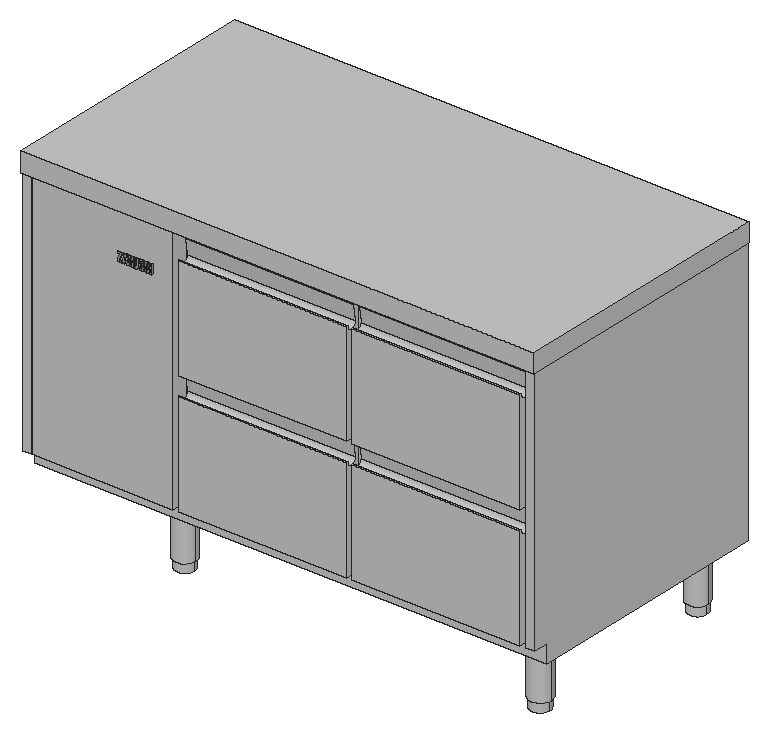
Revit family "QF_ZANUSSI_111031_ZH2HBBB", category Specialty Equipment, Revit 2018
Family settings
  Round Connector Dimension = Use Diameter
  Part Type = Normal
  Work Plane-Based = No
  Always vertical = Yes
  Cut with Voids When Loaded = No
  Shared = No
  Room Calculation Point = No
Parameters
  Weight = 0.00 kg
  Watts = 0.0232258 W
  Volts = 220 V
  URL Manufacturer = "http://www.zanussiprofessional.com/"
  URL = "http://www.zanussiprofessional.com/"
  Steam Supply Size = 0 mm
  Steam Supply Minimum Pressure = 0.0 Pa
  Steam Supply Maximum Pressure = 0.0 Pa
  Steam Pounds per Hour = 0
  Show Logo [instance] = yes
  Show Clearance [instance] = yes
  Refrigeration Suction Line Size = 0 mm
  Refrigeration Liquid Line Size = 0 mm
  Refrigerant Compressor Remote = yes
  Manufacturer = "Zanussi"
  Phase = 1
  Model = "ZH2HBBB"
  Length Actual = 1345 mm  # constant formula
  Item Number = "111031"
  Hot Water Size = 0 mm
  Height Actual = 900 mm  # constant formula
  HP = "0.3 HP"
  Gas Size = 0 mm
  Gas KW = 0
  Gas Input Pressure = 0 W
  Description = "4 DRAWERS REFRIGER.TABLE 290L"
  Depth Actual = 700 mm  # constant formula
  Cycle = 50 Hz
  Condensate Return Size = 0 mm
  Compressed Air Volume = 0.0 L/s
  Compressed Air Size = 0 mm
  Compressed Air Pressure = 0.0 Pa
  Cold Water Size = 0 mm
  Accessory = yes
Reference planes
  plane 1 "Center X": y = 182.5
  plane 2: z = 0
  plane 3 "Center Y": x = -126.5
  plane 4: y = -62.5
  plane 5: y = 451.5
  plane 6 "BACK": y = 532.5
  plane 7 "FRONT": y = -167.5
  plane 8: x = -452
  plane 9: x = 478
  plane 10: z = 150
  plane 11 "TOP": z = 900
  plane 12: z = 850
  plane 13 "LEFT": x = -797
  plane 14 "RIGHT": x = 544
  plane 15: x = -799
  plane 16: x = 546
Forms (mm)
  Extrusion 1, solid, material "QF_Finishes_Stainless Steel"
    sketch origin (-126.5, 2, 0) x (0, 1, 0) y (0, 0, 1)
      loop
        line (530.5, 150) -> (530.5, 850) -> (-124.5, 850) -> (-124.5, 150) -> (530.5, 150)
    from -670.5 to 670.5
  Extrusion 2, solid, material "QF_Finishes_Stainless Steel"
    sketch origin (-1022.223, -1524, 150) x (-1, 0, 0) y (0, -1, 0)
      loop
        line (-225.223, -1361.5) -> (-250.223, -1361.5) -> (-250.223, -1401.5) -> (-225.223, -1401.5) -> (-225.223, -1361.5)
      loop
        line (-1566.223, -1401.5) -> (-1541.223, -1401.5) -> (-1541.223, -1361.5) -> (-1566.223, -1361.5) -> (-1566.223, -1401.5)
    from 47 to 700
  Extrusion 3, solid, material "QF_Finishes_Stainless Steel"
    sketch origin (0, 0, 900) x (-1, 0, 0) y (0, -1, 0)
      loop
        circle (-57, -94.5) r 8.45
    from -790.577 to -750
  Extrusion 4, solid, material "QF_Finishes_Stainless Steel"
    sketch origin (0, 0, 0) x (1, 0, 0) y (0, 1, 0)
      loop
        circle (-713, 451.5) r 4
    from 109.423 to 150
  Extrusion 5, solid, material "QF_Finishes_Stainless Steel"
    sketch origin (-126.5, 0, 0) x (0, 1, 0) y (0, 0, 1)
      loop
        line (-167.5, 900) -> (-167.5, 850) -> (532.5, 850) -> (532.5, 900) -> (-167.5, 900)
    from 672.5 to -672.5
Cuts and joins
  joined: Extrusion 1, Extrusion 2
Lines and regions (mm)
  symbolic lines, style "SpecialityEquipmentHiddenLines"
    curve 1: line (-799, -122.5, 900) -> (546, -122.5, 900)
    curve 2: line (-396, -167.5, 900) -> (-396, -122.5, 900)
  symbolic lines, style "SpecialityEquipment"
    curve 3: line (-799, 532.5, 900) -> (546, 532.5, 900)
    curve 4: line (-799, 532.5, 900) -> (-799, -167.5, 900)
    curve 5: line (-799, -167.5, 900) -> (546, -167.5, 900)
    curve 6: line (546, -167.5, 900) -> (546, 532.5, 900)
Dimensions and locks
  locked: plane 6 "BACK" to plane 7 "FRONT" at 700
  equal spacing: plane 6 "BACK", plane 1 "Center X", plane 7 "FRONT"
  locked: plane 6 "BACK" to plane 5 at 81
  plane 10 to level = 150 mm
  plane 11 "TOP" to plane 12 to plane 10 = 50 mm locked, 700 mm locked
  locked: Extrusion 2 sketch curve to Extrusion 2 sketch curve at 25  (x2)
  locked: plane 4 to plane 7 "FRONT" at 105
  locked: plane 6 "BACK" to Extrusion 3 sketch curve at 438
  equal spacing: plane 13 "LEFT", plane 3 "Center Y", plane 14 "RIGHT"
  plane 15 to plane 16 = 1345 mm
  locked: plane 13 "LEFT" to plane 8 at 345
  locked: plane 9 to plane 14 "RIGHT" at 66
  locked: Extrusion 3 sketch curve to plane 14 "RIGHT" at 487
  plane 13 "LEFT" to Extrusion 4 sketch curve = 84 mm
  locked: plane 6 "BACK" to Extrusion 4 sketch curve at 81
  locked: plane 10 to Extrusion 4 at 40.577
  aligned and locked: level to plane 2
  aligned and locked: plane 10 to Extrusion 3
  aligned and locked: nested 4 to plane 4
  aligned and locked: nested 1 to plane 4
  aligned and locked: nested 3 to plane 5
  aligned and locked: nested 2 to plane 5
  aligned and locked: plane 8 to nested 1
  aligned and locked: plane 8 to nested 2
  aligned and locked: plane 9 to nested 4
  aligned and locked: plane 9 to nested 3
  aligned and locked: Extrusion 1 to Extrusion 2
  aligned and locked: Extrusion 2 to Extrusion 1
  aligned and locked: Extrusion 2 sketch curve to plane 14 "RIGHT"
  aligned and locked: plane 13 "LEFT" to Extrusion 2 sketch curve
  aligned and locked: cut or joined group of Extrusion 1, Extrusion 2 to plane 10
  aligned and locked: plane 12 to cut or joined group of Extrusion 1, Extrusion 2
  aligned and locked: plane 10 to Extrusion 4
  aligned and locked: Extrusion 5 sketch curve to plane 11 "TOP"
  aligned and locked: plane 7 "FRONT" to Extrusion 5 sketch curve
  aligned and locked: Extrusion 5 sketch curve to cut or joined group of Extrusion 1, Extrusion 2  (x2)
  aligned and locked: Extrusion 5 to curve 3
Automatic sketch dimensions
  plane 7 "FRONT" to Extrusion 2 sketch curve = 45 mm  (x2)
  plane 7 "FRONT" to Extrusion 2 sketch curve = 5 mm  (x2)
  curve 2 to plane 7 "FRONT" = 0 mm
  curve 5 to plane 15 = 0 mm
  curve 3 to plane 6 "BACK" = 0 mm
  plane 8 to curve 2 = 56 mm
  plane 7 "FRONT" to curve 1 = 45 mm
  Extrusion 1 sketch curve to plane 10 = 0 mm
  Extrusion 1 sketch curve to plane 12 = 0 mm
  Extrusion 1 sketch curve to plane 6 "BACK" = 0 mm
  plane 7 "FRONT" to Extrusion 1 sketch curve = 45 mm
  radius of Extrusion 3 sketch curve = 8.45 mm
  radius of Extrusion 4 sketch curve = 4 mm
Nested families
  nested 1: "Foot_Ø50_H150" at (-452, -62.5, 0), type "Foot_Ø50_H150"
  nested 2: "Foot_Ø50_H150" at (-452, 451.5, 0), type "Foot_Ø50_H150"
  nested 3: "Foot_Ø50_H150" at (478, 451.5, 0), type "Foot_Ø50_H150"
  nested 4: "Foot_Ø50_H150" at (478, -62.5, 0), type "Foot_Ø50_H150"
  nested 5: "2 Drawers" at (285, -164.5, 0), Show Clearance <- "Show Clearance", type "2 Drawers"
  nested 6: "2 Drawers" at (-169, -164.5, 0) x (-1, 0, 0) z (0, 0, 1), Show Clearance <- "Show Clearance", type "2 Drawers"
  nested 7: "Refrigerator" at (544, -167.5, 900), type "Refrigerator"
  nested 8: "ZAN_Cooling Unit" at (-587.5, -164.5, 0), Show Logo <- "Show Logo", type "ZAN_Cooling Unit"
Connectors
  electrical at (-713, 451.5, 109.423), driven by "Volts"
    settings: on Extrusion 4, index 4, voltage 220 V, apparent load 0 VA, apparent load phase1 0 VA, apparent load phase2 0 VA, apparent load phase3 0 VA, power factor 1, load classification "Altro", number of poles 1, system type 30, power factor state 1, is connector primary yes, connector utility no, sub classification motor no, connector description "Electrical Connection"
  piping at (57, 94.5, 109.423), diameter 17
    settings: on Extrusion 3, index 5, connector inside diameter 609.6 mm, connector length 0 mm, flow factor 0, pipe flow 0.0 L/s, pressure drop 0.0 Pa, fitting loss kfactor 0, connector angle 0.00°, fixture units 0, engagement length 0 mm, angle of deflection 0.00°, flow configuration 1, flow direction 2, fitting loss method 0, system type 16, joint type 0, gender type 0, connector reference index -1, connector utility 0, adjustable connector no, is connector primary yes, connector description "Drain"
Definition of nested family "Foot_Ø50_H150"
  Reference planes
    plane 1 "Centro (Fronte/Retro)": y = 0
    plane 2: z = 0
    plane 3 "Centro (Sinistra/Destra)": x = 0
    plane 4: z = 150
  Forms (mm)
    Revolve 1, solid
      sketch origin (255.05, 0, 608.09) x (0, 0, 1) y (-1, 0, 0)
        loop
          line (-608.09, 255.05) -> (-608.09, 230.05) -> (-583.09, 230.05) -> (-583.09, 226.05) -> (-458.09, 226.05) -> (-458.09, 255.05) -> (-608.09, 255.05)
        axis (-608.09, 255.05) -> (-458.09, 255.05)
      angle from 0 to 360
  Dimensions and locks
    locked: Revolve 1 sketch curve to Revolve 1 sketch curve at 125
    aligned and locked: level to plane 2
    aligned and locked: plane 4 to Revolve 1 sketch curve
    aligned and locked: Revolve 1 sketch curve to level
    aligned and locked: plane 3 "Centro (Sinistra/Destra)" to Revolve 1 sketch curve
Definition of nested family "2 Drawers"
  Parameters
    Show Clearance [instance] = yes
  Reference planes
    plane 1 "FRONT": y = -3
    plane 2: z = 0
    plane 3 "Centro (Sinistra/Destra)": x = 0
    plane 4: z = 150
    plane 5: z = 850
    plane 6: x = -234
    plane 7: x = 234
    plane 8: x = -220
    plane 9: x = 220
  Forms (mm)
    Extrusion 1, solid
      sketch origin (0, 55, 511) x (0, 0, 1) y (0, -1, 0)
        loop
          line (314, 18) -> (314, 29) -> (274.395, 22.5)
          arc (274.395, 22.5) -> (260.395, 36.5) -> (274.395, 50.5) r 14
          line (274.395, 50.5) -> (274.395, 53) -> (5, 53) -> (5, 18) -> (314, 18)
        loop
          line (-5, 29) -> (-44.605, 22.5)
          arc (-44.605, 22.5) -> (-58.605, 36.5) -> (-44.605, 50.5) r 14
          line (-44.605, 50.5) -> (-44.605, 53) -> (-314, 53) -> (-314, 18) -> (-5, 18) -> (-5, 29)
      from -220 to 220
    Extrusion 2, solid, visible <- "Show Clearance", detail levels coarse
      sketch origin (0, -462, 511) x (0, 0, 1) y (0, -1, 0)
        loop
          line (-314, 109) -> (-314, -464) -> (-5, -464) -> (-5, 109) -> (-314, 109)
        loop
          line (314, -464) -> (314, 109) -> (5, 109) -> (5, -464) -> (314, -464)
      from -220 to 220
  Lines and regions (mm)
    symbolic lines
      curve 1: line (-190, -3, 0) -> (-190, -88, 0)
      curve 2: line (190, -88, 0) -> (190, -3, 0)
      curve 3: line (220, -88, 0) -> (-220, -88, 0)
      curve 4: line (-220, -88, 0) -> (-220, -123, 0)
      curve 5: line (-220, -123, 0) -> (220, -123, 0)
      curve 6: line (220, -123, 0) -> (220, -88, 0)
      curve 7: line (-190, -123, 0) -> (-190, -208, 0)
      curve 8: line (220, -208, 0) -> (-220, -208, 0)
      curve 9: line (-220, -208, 0) -> (-220, -243, 0)
      curve 10: line (-220, -243, 0) -> (220, -243, 0)
      curve 11: line (220, -243, 0) -> (220, -208, 0)
      curve 12: line (190, -208, 0) -> (190, -123, 0)
  Dimensions and locks
    aligned and locked: level to plane 2
Definition of nested family "ZAN_Cooling Unit"
  Parameters
    Show Logo [instance] = yes
  Reference planes
    plane 1 "FRONT": y = -3
    plane 2: z = 0
    plane 3 "Centro (Sinistra/Destra)": x = 0
    plane 4: z = 150
    plane 5: z = 850
    plane 6: x = -184.5
    plane 7: x = 184.5
  Forms (mm)
    Extrusion 1, solid
      sketch origin (0, 55, 511) x (0, 0, 1) y (0, -1, 0)
        loop
          line (-314, 53) -> (-314, 13) -> (339, 13) -> (339, 53) -> (-314, 53)
      from -184.5 to 184.5
  Lines and regions (mm)
    Split face 1
      outline origin (0, 2, 197) x (0, 0, 1) y (-1, 0, 0)
        loop
          line (566.835, 184.5) -> (566.835, -184.5)
        loop
          line (521.835, 184.5) -> (521.835, -184.5)
    Split face 2
      outline origin (0, 2, 197) x (0, 0, 1) y (-1, 0, 0)
        loop
          arc (510.649, 158.547) -> (506.648, 162.548) -> (502.647, 158.547) r 4.001
          line (502.647, 158.547) -> (502.647, 116.535)
          arc (502.647, 116.535) -> (506.648, 112.533) -> (510.649, 116.535) r 4.001
          line (510.649, 116.535) -> (510.649, 158.547)
    Split face 3
      outline origin (0, 2, 184.996) x (0, 0, 1) y (-1, 0, 0)
        loop
          arc (510.649, 158.547) -> (506.648, 162.548) -> (502.647, 158.547) r 4.001
          line (502.647, 158.547) -> (502.647, 116.535)
          arc (502.647, 116.535) -> (506.648, 112.533) -> (510.649, 116.535) r 4.001
          line (510.649, 116.535) -> (510.649, 158.547)
    Split face 4
      outline origin (0, 2, 172.993) x (0, 0, 1) y (-1, 0, 0)
        loop
          arc (510.649, 158.547) -> (506.648, 162.548) -> (502.647, 158.547) r 4.001
          line (502.647, 158.547) -> (502.647, 116.535)
          arc (502.647, 116.535) -> (506.648, 112.533) -> (510.649, 116.535) r 4.001
          line (510.649, 116.535) -> (510.649, 158.547)
    Split face 5
      outline origin (0, 2, 160.989) x (0, 0, 1) y (-1, 0, 0)
        loop
          arc (510.649, 158.547) -> (506.648, 162.548) -> (502.647, 158.547) r 4.001
          line (502.647, 158.547) -> (502.647, 116.535)
          arc (502.647, 116.535) -> (506.648, 112.533) -> (510.649, 116.535) r 4.001
          line (510.649, 116.535) -> (510.649, 158.547)
    Split face 6
      outline origin (0, 2, 148.986) x (0, 0, 1) y (-1, 0, 0)
        loop
          arc (510.649, 158.547) -> (506.648, 162.548) -> (502.647, 158.547) r 4.001
          line (502.647, 158.547) -> (502.647, 116.535)
          arc (502.647, 116.535) -> (506.648, 112.533) -> (510.649, 116.535) r 4.001
          line (510.649, 116.535) -> (510.649, 158.547)
    Split face 7
      outline origin (0, 2, 136.982) x (0, 0, 1) y (-1, 0, 0)
        loop
          arc (510.649, 158.547) -> (506.648, 162.548) -> (502.647, 158.547) r 4.001
          line (502.647, 158.547) -> (502.647, 116.535)
          arc (502.647, 116.535) -> (506.648, 112.533) -> (510.649, 116.535) r 4.001
          line (510.649, 116.535) -> (510.649, 158.547)
    Split face 8
      outline origin (0, 2, 124.979) x (0, 0, 1) y (-1, 0, 0)
        loop
          arc (510.649, 158.547) -> (506.648, 162.548) -> (502.647, 158.547) r 4.001
          line (502.647, 158.547) -> (502.647, 116.535)
          arc (502.647, 116.535) -> (506.648, 112.533) -> (510.649, 116.535) r 4.001
          line (510.649, 116.535) -> (510.649, 158.547)
    Split face 9
      outline origin (0, 2, 112.975) x (0, 0, 1) y (-1, 0, 0)
        loop
          arc (510.649, 158.547) -> (506.648, 162.548) -> (502.647, 158.547) r 4.001
          line (502.647, 158.547) -> (502.647, 116.535)
          arc (502.647, 116.535) -> (506.648, 112.533) -> (510.649, 116.535) r 4.001
          line (510.649, 116.535) -> (510.649, 158.547)
    Split face 10
      outline origin (0, 2, 100.972) x (0, 0, 1) y (-1, 0, 0)
        loop
          arc (510.649, 158.547) -> (506.648, 162.548) -> (502.647, 158.547) r 4.001
          line (502.647, 158.547) -> (502.647, 116.535)
          arc (502.647, 116.535) -> (506.648, 112.533) -> (510.649, 116.535) r 4.001
          line (510.649, 116.535) -> (510.649, 158.547)
    Split face 11
      outline origin (0, 2, 88.968) x (0, 0, 1) y (-1, 0, 0)
        loop
          arc (510.649, 158.547) -> (506.648, 162.548) -> (502.647, 158.547) r 4.001
          line (502.647, 158.547) -> (502.647, 116.535)
          arc (502.647, 116.535) -> (506.648, 112.533) -> (510.649, 116.535) r 4.001
          line (510.649, 116.535) -> (510.649, 158.547)
    Split face 12
      outline origin (0, 2, 76.965) x (0, 0, 1) y (-1, 0, 0)
        loop
          arc (510.649, 158.547) -> (506.648, 162.548) -> (502.647, 158.547) r 4.001
          line (502.647, 158.547) -> (502.647, 116.535)
          arc (502.647, 116.535) -> (506.648, 112.533) -> (510.649, 116.535) r 4.001
          line (510.649, 116.535) -> (510.649, 158.547)
    Split face 13
      outline origin (0, 2, 64.961) x (0, 0, 1) y (-1, 0, 0)
        loop
          arc (510.649, 158.547) -> (506.648, 162.548) -> (502.647, 158.547) r 4.001
          line (502.647, 158.547) -> (502.647, 116.535)
          arc (502.647, 116.535) -> (506.648, 112.533) -> (510.649, 116.535) r 4.001
          line (510.649, 116.535) -> (510.649, 158.547)
    Split face 14
      outline origin (0, 2, 52.958) x (0, 0, 1) y (-1, 0, 0)
        loop
          arc (510.649, 158.547) -> (506.648, 162.548) -> (502.647, 158.547) r 4.001
          line (502.647, 158.547) -> (502.647, 116.535)
          arc (502.647, 116.535) -> (506.648, 112.533) -> (510.649, 116.535) r 4.001
          line (510.649, 116.535) -> (510.649, 158.547)
    Split face 15
      outline origin (0, 2, 40.954) x (0, 0, 1) y (-1, 0, 0)
        loop
          arc (510.649, 158.547) -> (506.648, 162.548) -> (502.647, 158.547) r 4.001
          line (502.647, 158.547) -> (502.647, 116.535)
          arc (502.647, 116.535) -> (506.648, 112.533) -> (510.649, 116.535) r 4.001
          line (510.649, 116.535) -> (510.649, 158.547)
    Split face 16
      outline origin (0, 2, 28.951) x (0, 0, 1) y (-1, 0, 0)
        loop
          arc (510.649, 158.547) -> (506.648, 162.548) -> (502.647, 158.547) r 4.001
          line (502.647, 158.547) -> (502.647, 116.535)
          arc (502.647, 116.535) -> (506.648, 112.533) -> (510.649, 116.535) r 4.001
          line (510.649, 116.535) -> (510.649, 158.547)
    Split face 17
      outline origin (0, 2, 16.947) x (0, 0, 1) y (-1, 0, 0)
        loop
          arc (510.649, 158.547) -> (506.648, 162.548) -> (502.647, 158.547) r 4.001
          line (502.647, 158.547) -> (502.647, 116.535)
          arc (502.647, 116.535) -> (506.648, 112.533) -> (510.649, 116.535) r 4.001
          line (510.649, 116.535) -> (510.649, 158.547)
    Split face 18
      outline origin (55.016, 2, 197) x (0, 0, 1) y (-1, 0, 0)
        loop
          arc (510.649, 158.547) -> (506.648, 162.548) -> (502.647, 158.547) r 4.001
          line (502.647, 158.547) -> (502.647, 116.535)
          arc (502.647, 116.535) -> (506.648, 112.533) -> (510.649, 116.535) r 4.001
          line (510.649, 116.535) -> (510.649, 158.547)
    Split face 19
      outline origin (55.016, 2, 184.996) x (0, 0, 1) y (-1, 0, 0)
        loop
          arc (510.649, 158.547) -> (506.648, 162.548) -> (502.647, 158.547) r 4.001
          line (502.647, 158.547) -> (502.647, 116.535)
          arc (502.647, 116.535) -> (506.648, 112.533) -> (510.649, 116.535) r 4.001
          line (510.649, 116.535) -> (510.649, 158.547)
    Split face 20
      outline origin (55.016, 2, 172.993) x (0, 0, 1) y (-1, 0, 0)
        loop
          arc (510.649, 158.547) -> (506.648, 162.548) -> (502.647, 158.547) r 4.001
          line (502.647, 158.547) -> (502.647, 116.535)
          arc (502.647, 116.535) -> (506.648, 112.533) -> (510.649, 116.535) r 4.001
          line (510.649, 116.535) -> (510.649, 158.547)
    Split face 21
      outline origin (55.016, 2, 160.989) x (0, 0, 1) y (-1, 0, 0)
        loop
          arc (510.649, 158.547) -> (506.648, 162.548) -> (502.647, 158.547) r 4.001
          line (502.647, 158.547) -> (502.647, 116.535)
          arc (502.647, 116.535) -> (506.648, 112.533) -> (510.649, 116.535) r 4.001
          line (510.649, 116.535) -> (510.649, 158.547)
    Split face 22
      outline origin (55.016, 2, 148.986) x (0, 0, 1) y (-1, 0, 0)
        loop
          arc (510.649, 158.547) -> (506.648, 162.548) -> (502.647, 158.547) r 4.001
          line (502.647, 158.547) -> (502.647, 116.535)
          arc (502.647, 116.535) -> (506.648, 112.533) -> (510.649, 116.535) r 4.001
          line (510.649, 116.535) -> (510.649, 158.547)
    Split face 23
      outline origin (55.016, 2, 136.982) x (0, 0, 1) y (-1, 0, 0)
        loop
          arc (510.649, 158.547) -> (506.648, 162.548) -> (502.647, 158.547) r 4.001
          line (502.647, 158.547) -> (502.647, 116.535)
          arc (502.647, 116.535) -> (506.648, 112.533) -> (510.649, 116.535) r 4.001
          line (510.649, 116.535) -> (510.649, 158.547)
    Split face 24
      outline origin (55.016, 2, 124.979) x (0, 0, 1) y (-1, 0, 0)
        loop
          arc (510.649, 158.547) -> (506.648, 162.548) -> (502.647, 158.547) r 4.001
          line (502.647, 158.547) -> (502.647, 116.535)
          arc (502.647, 116.535) -> (506.648, 112.533) -> (510.649, 116.535) r 4.001
          line (510.649, 116.535) -> (510.649, 158.547)
    Split face 25
      outline origin (55.016, 2, 112.975) x (0, 0, 1) y (-1, 0, 0)
        loop
          arc (510.649, 158.547) -> (506.648, 162.548) -> (502.647, 158.547) r 4.001
          line (502.647, 158.547) -> (502.647, 116.535)
          arc (502.647, 116.535) -> (506.648, 112.533) -> (510.649, 116.535) r 4.001
          line (510.649, 116.535) -> (510.649, 158.547)
    Split face 26
      outline origin (55.016, 2, 100.972) x (0, 0, 1) y (-1, 0, 0)
        loop
          arc (510.649, 158.547) -> (506.648, 162.548) -> (502.647, 158.547) r 4.001
          line (502.647, 158.547) -> (502.647, 116.535)
          arc (502.647, 116.535) -> (506.648, 112.533) -> (510.649, 116.535) r 4.001
          line (510.649, 116.535) -> (510.649, 158.547)
    Split face 27
      outline origin (55.016, 2, 88.968) x (0, 0, 1) y (-1, 0, 0)
        loop
          arc (510.649, 158.547) -> (506.648, 162.548) -> (502.647, 158.547) r 4.001
          line (502.647, 158.547) -> (502.647, 116.535)
          arc (502.647, 116.535) -> (506.648, 112.533) -> (510.649, 116.535) r 4.001
          line (510.649, 116.535) -> (510.649, 158.547)
    Split face 28
      outline origin (55.016, 2, 76.965) x (0, 0, 1) y (-1, 0, 0)
        loop
          arc (510.649, 158.547) -> (506.648, 162.548) -> (502.647, 158.547) r 4.001
          line (502.647, 158.547) -> (502.647, 116.535)
          arc (502.647, 116.535) -> (506.648, 112.533) -> (510.649, 116.535) r 4.001
          line (510.649, 116.535) -> (510.649, 158.547)
    Split face 29
      outline origin (55.016, 2, 64.961) x (0, 0, 1) y (-1, 0, 0)
        loop
          arc (510.649, 158.547) -> (506.648, 162.548) -> (502.647, 158.547) r 4.001
          line (502.647, 158.547) -> (502.647, 116.535)
          arc (502.647, 116.535) -> (506.648, 112.533) -> (510.649, 116.535) r 4.001
          line (510.649, 116.535) -> (510.649, 158.547)
    Split face 30
      outline origin (55.016, 2, 52.958) x (0, 0, 1) y (-1, 0, 0)
        loop
          arc (510.649, 158.547) -> (506.648, 162.548) -> (502.647, 158.547) r 4.001
          line (502.647, 158.547) -> (502.647, 116.535)
          arc (502.647, 116.535) -> (506.648, 112.533) -> (510.649, 116.535) r 4.001
          line (510.649, 116.535) -> (510.649, 158.547)
    Split face 31
      outline origin (55.016, 2, 40.954) x (0, 0, 1) y (-1, 0, 0)
        loop
          arc (510.649, 158.547) -> (506.648, 162.548) -> (502.647, 158.547) r 4.001
          line (502.647, 158.547) -> (502.647, 116.535)
          arc (502.647, 116.535) -> (506.648, 112.533) -> (510.649, 116.535) r 4.001
          line (510.649, 116.535) -> (510.649, 158.547)
    Split face 32
      outline origin (55.016, 2, 28.951) x (0, 0, 1) y (-1, 0, 0)
        loop
          arc (510.649, 158.547) -> (506.648, 162.548) -> (502.647, 158.547) r 4.001
          line (502.647, 158.547) -> (502.647, 116.535)
          arc (502.647, 116.535) -> (506.648, 112.533) -> (510.649, 116.535) r 4.001
          line (510.649, 116.535) -> (510.649, 158.547)
    Split face 33
      outline origin (55.016, 2, 16.947) x (0, 0, 1) y (-1, 0, 0)
        loop
          arc (510.649, 158.547) -> (506.648, 162.548) -> (502.647, 158.547) r 4.001
          line (502.647, 158.547) -> (502.647, 116.535)
          arc (502.647, 116.535) -> (506.648, 112.533) -> (510.649, 116.535) r 4.001
          line (510.649, 116.535) -> (510.649, 158.547)
    Split face 34
      outline origin (110.032, 2, 197) x (0, 0, 1) y (-1, 0, 0)
        loop
          arc (510.649, 158.547) -> (506.648, 162.548) -> (502.647, 158.547) r 4.001
          line (502.647, 158.547) -> (502.647, 116.535)
          arc (502.647, 116.535) -> (506.648, 112.533) -> (510.649, 116.535) r 4.001
          line (510.649, 116.535) -> (510.649, 158.547)
    Split face 35
      outline origin (110.032, 2, 184.996) x (0, 0, 1) y (-1, 0, 0)
        loop
          arc (510.649, 158.547) -> (506.648, 162.548) -> (502.647, 158.547) r 4.001
          line (502.647, 158.547) -> (502.647, 116.535)
          arc (502.647, 116.535) -> (506.648, 112.533) -> (510.649, 116.535) r 4.001
          line (510.649, 116.535) -> (510.649, 158.547)
    Split face 36
      outline origin (110.032, 2, 172.993) x (0, 0, 1) y (-1, 0, 0)
        loop
          arc (510.649, 158.547) -> (506.648, 162.548) -> (502.647, 158.547) r 4.001
          line (502.647, 158.547) -> (502.647, 116.535)
          arc (502.647, 116.535) -> (506.648, 112.533) -> (510.649, 116.535) r 4.001
          line (510.649, 116.535) -> (510.649, 158.547)
    Split face 37
      outline origin (110.032, 2, 160.989) x (0, 0, 1) y (-1, 0, 0)
        loop
          arc (510.649, 158.547) -> (506.648, 162.548) -> (502.647, 158.547) r 4.001
          line (502.647, 158.547) -> (502.647, 116.535)
          arc (502.647, 116.535) -> (506.648, 112.533) -> (510.649, 116.535) r 4.001
          line (510.649, 116.535) -> (510.649, 158.547)
    Split face 38
      outline origin (110.032, 2, 148.986) x (0, 0, 1) y (-1, 0, 0)
        loop
          arc (510.649, 158.547) -> (506.648, 162.548) -> (502.647, 158.547) r 4.001
          line (502.647, 158.547) -> (502.647, 116.535)
          arc (502.647, 116.535) -> (506.648, 112.533) -> (510.649, 116.535) r 4.001
          line (510.649, 116.535) -> (510.649, 158.547)
    Split face 39
      outline origin (110.032, 2, 136.982) x (0, 0, 1) y (-1, 0, 0)
        loop
          arc (510.649, 158.547) -> (506.648, 162.548) -> (502.647, 158.547) r 4.001
          line (502.647, 158.547) -> (502.647, 116.535)
          arc (502.647, 116.535) -> (506.648, 112.533) -> (510.649, 116.535) r 4.001
          line (510.649, 116.535) -> (510.649, 158.547)
    Split face 40
      outline origin (110.032, 2, 124.979) x (0, 0, 1) y (-1, 0, 0)
        loop
          arc (510.649, 158.547) -> (506.648, 162.548) -> (502.647, 158.547) r 4.001
          line (502.647, 158.547) -> (502.647, 116.535)
          arc (502.647, 116.535) -> (506.648, 112.533) -> (510.649, 116.535) r 4.001
          line (510.649, 116.535) -> (510.649, 158.547)
    Split face 41
      outline origin (110.032, 2, 112.975) x (0, 0, 1) y (-1, 0, 0)
        loop
          arc (510.649, 158.547) -> (506.648, 162.548) -> (502.647, 158.547) r 4.001
          line (502.647, 158.547) -> (502.647, 116.535)
          arc (502.647, 116.535) -> (506.648, 112.533) -> (510.649, 116.535) r 4.001
          line (510.649, 116.535) -> (510.649, 158.547)
    Split face 42
      outline origin (110.032, 2, 100.972) x (0, 0, 1) y (-1, 0, 0)
        loop
          arc (510.649, 158.547) -> (506.648, 162.548) -> (502.647, 158.547) r 4.001
          line (502.647, 158.547) -> (502.647, 116.535)
          arc (502.647, 116.535) -> (506.648, 112.533) -> (510.649, 116.535) r 4.001
          line (510.649, 116.535) -> (510.649, 158.547)
    Split face 43
      outline origin (110.032, 2, 88.968) x (0, 0, 1) y (-1, 0, 0)
        loop
          arc (510.649, 158.547) -> (506.648, 162.548) -> (502.647, 158.547) r 4.001
          line (502.647, 158.547) -> (502.647, 116.535)
          arc (502.647, 116.535) -> (506.648, 112.533) -> (510.649, 116.535) r 4.001
          line (510.649, 116.535) -> (510.649, 158.547)
    Split face 44
      outline origin (110.032, 2, 76.965) x (0, 0, 1) y (-1, 0, 0)
        loop
          arc (510.649, 158.547) -> (506.648, 162.548) -> (502.647, 158.547) r 4.001
          line (502.647, 158.547) -> (502.647, 116.535)
          arc (502.647, 116.535) -> (506.648, 112.533) -> (510.649, 116.535) r 4.001
          line (510.649, 116.535) -> (510.649, 158.547)
    Split face 45
      outline origin (110.032, 2, 64.961) x (0, 0, 1) y (-1, 0, 0)
        loop
          arc (510.649, 158.547) -> (506.648, 162.548) -> (502.647, 158.547) r 4.001
          line (502.647, 158.547) -> (502.647, 116.535)
          arc (502.647, 116.535) -> (506.648, 112.533) -> (510.649, 116.535) r 4.001
          line (510.649, 116.535) -> (510.649, 158.547)
    Split face 46
      outline origin (110.032, 2, 52.958) x (0, 0, 1) y (-1, 0, 0)
        loop
          arc (510.649, 158.547) -> (506.648, 162.548) -> (502.647, 158.547) r 4.001
          line (502.647, 158.547) -> (502.647, 116.535)
          arc (502.647, 116.535) -> (506.648, 112.533) -> (510.649, 116.535) r 4.001
          line (510.649, 116.535) -> (510.649, 158.547)
    Split face 47
      outline origin (110.032, 2, 40.954) x (0, 0, 1) y (-1, 0, 0)
        loop
          arc (510.649, 158.547) -> (506.648, 162.548) -> (502.647, 158.547) r 4.001
          line (502.647, 158.547) -> (502.647, 116.535)
          arc (502.647, 116.535) -> (506.648, 112.533) -> (510.649, 116.535) r 4.001
          line (510.649, 116.535) -> (510.649, 158.547)
    Split face 48
      outline origin (110.032, 2, 28.951) x (0, 0, 1) y (-1, 0, 0)
        loop
          arc (510.649, 158.547) -> (506.648, 162.548) -> (502.647, 158.547) r 4.001
          line (502.647, 158.547) -> (502.647, 116.535)
          arc (502.647, 116.535) -> (506.648, 112.533) -> (510.649, 116.535) r 4.001
          line (510.649, 116.535) -> (510.649, 158.547)
    Split face 49
      outline origin (110.032, 2, 16.947) x (0, 0, 1) y (-1, 0, 0)
        loop
          arc (510.649, 158.547) -> (506.648, 162.548) -> (502.647, 158.547) r 4.001
          line (502.647, 158.547) -> (502.647, 116.535)
          arc (502.647, 116.535) -> (506.648, 112.533) -> (510.649, 116.535) r 4.001
          line (510.649, 116.535) -> (510.649, 158.547)
    Split face 50
      outline origin (165.048, 2, 197) x (0, 0, 1) y (-1, 0, 0)
        loop
          arc (510.649, 158.547) -> (506.648, 162.548) -> (502.647, 158.547) r 4.001
          line (502.647, 158.547) -> (502.647, 116.535)
          arc (502.647, 116.535) -> (506.648, 112.533) -> (510.649, 116.535) r 4.001
          line (510.649, 116.535) -> (510.649, 158.547)
    Split face 51
      outline origin (165.048, 2, 184.996) x (0, 0, 1) y (-1, 0, 0)
        loop
          arc (510.649, 158.547) -> (506.648, 162.548) -> (502.647, 158.547) r 4.001
          line (502.647, 158.547) -> (502.647, 116.535)
          arc (502.647, 116.535) -> (506.648, 112.533) -> (510.649, 116.535) r 4.001
          line (510.649, 116.535) -> (510.649, 158.547)
    Split face 52
      outline origin (165.048, 2, 172.993) x (0, 0, 1) y (-1, 0, 0)
        loop
          arc (510.649, 158.547) -> (506.648, 162.548) -> (502.647, 158.547) r 4.001
          line (502.647, 158.547) -> (502.647, 116.535)
          arc (502.647, 116.535) -> (506.648, 112.533) -> (510.649, 116.535) r 4.001
          line (510.649, 116.535) -> (510.649, 158.547)
    Split face 53
      outline origin (165.048, 2, 160.989) x (0, 0, 1) y (-1, 0, 0)
        loop
          arc (510.649, 158.547) -> (506.648, 162.548) -> (502.647, 158.547) r 4.001
          line (502.647, 158.547) -> (502.647, 116.535)
          arc (502.647, 116.535) -> (506.648, 112.533) -> (510.649, 116.535) r 4.001
          line (510.649, 116.535) -> (510.649, 158.547)
    Split face 54
      outline origin (165.048, 2, 148.986) x (0, 0, 1) y (-1, 0, 0)
        loop
          arc (510.649, 158.547) -> (506.648, 162.548) -> (502.647, 158.547) r 4.001
          line (502.647, 158.547) -> (502.647, 116.535)
          arc (502.647, 116.535) -> (506.648, 112.533) -> (510.649, 116.535) r 4.001
          line (510.649, 116.535) -> (510.649, 158.547)
    Split face 55
      outline origin (165.048, 2, 136.982) x (0, 0, 1) y (-1, 0, 0)
        loop
          arc (510.649, 158.547) -> (506.648, 162.548) -> (502.647, 158.547) r 4.001
          line (502.647, 158.547) -> (502.647, 116.535)
          arc (502.647, 116.535) -> (506.648, 112.533) -> (510.649, 116.535) r 4.001
          line (510.649, 116.535) -> (510.649, 158.547)
    Split face 56
      outline origin (165.048, 2, 124.979) x (0, 0, 1) y (-1, 0, 0)
        loop
          arc (510.649, 158.547) -> (506.648, 162.548) -> (502.647, 158.547) r 4.001
          line (502.647, 158.547) -> (502.647, 116.535)
          arc (502.647, 116.535) -> (506.648, 112.533) -> (510.649, 116.535) r 4.001
          line (510.649, 116.535) -> (510.649, 158.547)
    Split face 57
      outline origin (165.048, 2, 112.975) x (0, 0, 1) y (-1, 0, 0)
        loop
          arc (510.649, 158.547) -> (506.648, 162.548) -> (502.647, 158.547) r 4.001
          line (502.647, 158.547) -> (502.647, 116.535)
          arc (502.647, 116.535) -> (506.648, 112.533) -> (510.649, 116.535) r 4.001
          line (510.649, 116.535) -> (510.649, 158.547)
    Split face 58
      outline origin (165.048, 2, 100.972) x (0, 0, 1) y (-1, 0, 0)
        loop
          arc (510.649, 158.547) -> (506.648, 162.548) -> (502.647, 158.547) r 4.001
          line (502.647, 158.547) -> (502.647, 116.535)
          arc (502.647, 116.535) -> (506.648, 112.533) -> (510.649, 116.535) r 4.001
          line (510.649, 116.535) -> (510.649, 158.547)
    Split face 59
      outline origin (165.048, 2, 88.968) x (0, 0, 1) y (-1, 0, 0)
        loop
          arc (510.649, 158.547) -> (506.648, 162.548) -> (502.647, 158.547) r 4.001
          line (502.647, 158.547) -> (502.647, 116.535)
          arc (502.647, 116.535) -> (506.648, 112.533) -> (510.649, 116.535) r 4.001
          line (510.649, 116.535) -> (510.649, 158.547)
    Split face 60
      outline origin (165.048, 2, 76.965) x (0, 0, 1) y (-1, 0, 0)
        loop
          arc (510.649, 158.547) -> (506.648, 162.548) -> (502.647, 158.547) r 4.001
          line (502.647, 158.547) -> (502.647, 116.535)
          arc (502.647, 116.535) -> (506.648, 112.533) -> (510.649, 116.535) r 4.001
          line (510.649, 116.535) -> (510.649, 158.547)
    Split face 61
      outline origin (165.048, 2, 64.961) x (0, 0, 1) y (-1, 0, 0)
        loop
          arc (510.649, 158.547) -> (506.648, 162.548) -> (502.647, 158.547) r 4.001
          line (502.647, 158.547) -> (502.647, 116.535)
          arc (502.647, 116.535) -> (506.648, 112.533) -> (510.649, 116.535) r 4.001
          line (510.649, 116.535) -> (510.649, 158.547)
    Split face 62
      outline origin (165.048, 2, 52.958) x (0, 0, 1) y (-1, 0, 0)
        loop
          arc (510.649, 158.547) -> (506.648, 162.548) -> (502.647, 158.547) r 4.001
          line (502.647, 158.547) -> (502.647, 116.535)
          arc (502.647, 116.535) -> (506.648, 112.533) -> (510.649, 116.535) r 4.001
          line (510.649, 116.535) -> (510.649, 158.547)
    Split face 63
      outline origin (165.048, 2, 40.954) x (0, 0, 1) y (-1, 0, 0)
        loop
          arc (510.649, 158.547) -> (506.648, 162.548) -> (502.647, 158.547) r 4.001
          line (502.647, 158.547) -> (502.647, 116.535)
          arc (502.647, 116.535) -> (506.648, 112.533) -> (510.649, 116.535) r 4.001
          line (510.649, 116.535) -> (510.649, 158.547)
    Split face 64
      outline origin (165.048, 2, 28.951) x (0, 0, 1) y (-1, 0, 0)
        loop
          arc (510.649, 158.547) -> (506.648, 162.548) -> (502.647, 158.547) r 4.001
          line (502.647, 158.547) -> (502.647, 116.535)
          arc (502.647, 116.535) -> (506.648, 112.533) -> (510.649, 116.535) r 4.001
          line (510.649, 116.535) -> (510.649, 158.547)
    Split face 65
      outline origin (165.048, 2, 16.947) x (0, 0, 1) y (-1, 0, 0)
        loop
          arc (510.649, 158.547) -> (506.648, 162.548) -> (502.647, 158.547) r 4.001
          line (502.647, 158.547) -> (502.647, 116.535)
          arc (502.647, 116.535) -> (506.648, 112.533) -> (510.649, 116.535) r 4.001
          line (510.649, 116.535) -> (510.649, 158.547)
    Split face 66
      outline origin (220.064, 2, 197) x (0, 0, 1) y (-1, 0, 0)
        loop
          arc (510.649, 158.547) -> (506.648, 162.548) -> (502.647, 158.547) r 4.001
          line (502.647, 158.547) -> (502.647, 116.535)
          arc (502.647, 116.535) -> (506.648, 112.533) -> (510.649, 116.535) r 4.001
          line (510.649, 116.535) -> (510.649, 158.547)
    Split face 67
      outline origin (220.064, 2, 184.996) x (0, 0, 1) y (-1, 0, 0)
        loop
          arc (510.649, 158.547) -> (506.648, 162.548) -> (502.647, 158.547) r 4.001
          line (502.647, 158.547) -> (502.647, 116.535)
          arc (502.647, 116.535) -> (506.648, 112.533) -> (510.649, 116.535) r 4.001
          line (510.649, 116.535) -> (510.649, 158.547)
    Split face 68
      outline origin (220.064, 2, 172.993) x (0, 0, 1) y (-1, 0, 0)
        loop
          arc (510.649, 158.547) -> (506.648, 162.548) -> (502.647, 158.547) r 4.001
          line (502.647, 158.547) -> (502.647, 116.535)
          arc (502.647, 116.535) -> (506.648, 112.533) -> (510.649, 116.535) r 4.001
          line (510.649, 116.535) -> (510.649, 158.547)
    Split face 69
      outline origin (220.064, 2, 160.989) x (0, 0, 1) y (-1, 0, 0)
        loop
          arc (510.649, 158.547) -> (506.648, 162.548) -> (502.647, 158.547) r 4.001
          line (502.647, 158.547) -> (502.647, 116.535)
          arc (502.647, 116.535) -> (506.648, 112.533) -> (510.649, 116.535) r 4.001
          line (510.649, 116.535) -> (510.649, 158.547)
    Split face 70
      outline origin (220.064, 2, 148.986) x (0, 0, 1) y (-1, 0, 0)
        loop
          arc (510.649, 158.547) -> (506.648, 162.548) -> (502.647, 158.547) r 4.001
          line (502.647, 158.547) -> (502.647, 116.535)
          arc (502.647, 116.535) -> (506.648, 112.533) -> (510.649, 116.535) r 4.001
          line (510.649, 116.535) -> (510.649, 158.547)
    Split face 71
      outline origin (220.064, 2, 136.982) x (0, 0, 1) y (-1, 0, 0)
        loop
          arc (510.649, 158.547) -> (506.648, 162.548) -> (502.647, 158.547) r 4.001
          line (502.647, 158.547) -> (502.647, 116.535)
          arc (502.647, 116.535) -> (506.648, 112.533) -> (510.649, 116.535) r 4.001
          line (510.649, 116.535) -> (510.649, 158.547)
    Split face 72
      outline origin (220.064, 2, 124.979) x (0, 0, 1) y (-1, 0, 0)
        loop
          arc (510.649, 158.547) -> (506.648, 162.548) -> (502.647, 158.547) r 4.001
          line (502.647, 158.547) -> (502.647, 116.535)
          arc (502.647, 116.535) -> (506.648, 112.533) -> (510.649, 116.535) r 4.001
          line (510.649, 116.535) -> (510.649, 158.547)
    Split face 73
      outline origin (220.064, 2, 112.975) x (0, 0, 1) y (-1, 0, 0)
        loop
          arc (510.649, 158.547) -> (506.648, 162.548) -> (502.647, 158.547) r 4.001
          line (502.647, 158.547) -> (502.647, 116.535)
          arc (502.647, 116.535) -> (506.648, 112.533) -> (510.649, 116.535) r 4.001
          line (510.649, 116.535) -> (510.649, 158.547)
    Split face 74
      outline origin (220.064, 2, 100.972) x (0, 0, 1) y (-1, 0, 0)
        loop
          arc (510.649, 158.547) -> (506.648, 162.548) -> (502.647, 158.547) r 4.001
          line (502.647, 158.547) -> (502.647, 116.535)
          arc (502.647, 116.535) -> (506.648, 112.533) -> (510.649, 116.535) r 4.001
          line (510.649, 116.535) -> (510.649, 158.547)
    Split face 75
      outline origin (220.064, 2, 88.968) x (0, 0, 1) y (-1, 0, 0)
        loop
          arc (510.649, 158.547) -> (506.648, 162.548) -> (502.647, 158.547) r 4.001
          line (502.647, 158.547) -> (502.647, 116.535)
          arc (502.647, 116.535) -> (506.648, 112.533) -> (510.649, 116.535) r 4.001
          line (510.649, 116.535) -> (510.649, 158.547)
    Split face 76
      outline origin (220.064, 2, 76.965) x (0, 0, 1) y (-1, 0, 0)
        loop
          arc (510.649, 158.547) -> (506.648, 162.548) -> (502.647, 158.547) r 4.001
          line (502.647, 158.547) -> (502.647, 116.535)
          arc (502.647, 116.535) -> (506.648, 112.533) -> (510.649, 116.535) r 4.001
          line (510.649, 116.535) -> (510.649, 158.547)
    Split face 77
      outline origin (220.064, 2, 64.961) x (0, 0, 1) y (-1, 0, 0)
        loop
          arc (510.649, 158.547) -> (506.648, 162.548) -> (502.647, 158.547) r 4.001
          line (502.647, 158.547) -> (502.647, 116.535)
          arc (502.647, 116.535) -> (506.648, 112.533) -> (510.649, 116.535) r 4.001
          line (510.649, 116.535) -> (510.649, 158.547)
    Split face 78
      outline origin (220.064, 2, 52.958) x (0, 0, 1) y (-1, 0, 0)
        loop
          arc (510.649, 158.547) -> (506.648, 162.548) -> (502.647, 158.547) r 4.001
          line (502.647, 158.547) -> (502.647, 116.535)
          arc (502.647, 116.535) -> (506.648, 112.533) -> (510.649, 116.535) r 4.001
          line (510.649, 116.535) -> (510.649, 158.547)
    Split face 79
      outline origin (220.064, 2, 40.954) x (0, 0, 1) y (-1, 0, 0)
        loop
          arc (510.649, 158.547) -> (506.648, 162.548) -> (502.647, 158.547) r 4.001
          line (502.647, 158.547) -> (502.647, 116.535)
          arc (502.647, 116.535) -> (506.648, 112.533) -> (510.649, 116.535) r 4.001
          line (510.649, 116.535) -> (510.649, 158.547)
    Split face 80
      outline origin (220.064, 2, 28.951) x (0, 0, 1) y (-1, 0, 0)
        loop
          arc (510.649, 158.547) -> (506.648, 162.548) -> (502.647, 158.547) r 4.001
          line (502.647, 158.547) -> (502.647, 116.535)
          arc (502.647, 116.535) -> (506.648, 112.533) -> (510.649, 116.535) r 4.001
          line (510.649, 116.535) -> (510.649, 158.547)
    Split face 81
      outline origin (220.064, 2, 16.947) x (0, 0, 1) y (-1, 0, 0)
        loop
          arc (510.649, 158.547) -> (506.648, 162.548) -> (502.647, 158.547) r 4.001
          line (502.647, 158.547) -> (502.647, 116.535)
          arc (502.647, 116.535) -> (506.648, 112.533) -> (510.649, 116.535) r 4.001
          line (510.649, 116.535) -> (510.649, 158.547)
    Split face 82
      outline origin (275.081, 2, 197) x (0, 0, 1) y (-1, 0, 0)
        loop
          arc (510.649, 158.547) -> (506.648, 162.548) -> (502.647, 158.547) r 4.001
          line (502.647, 158.547) -> (502.647, 116.535)
          arc (502.647, 116.535) -> (506.648, 112.533) -> (510.649, 116.535) r 4.001
          line (510.649, 116.535) -> (510.649, 158.547)
    Split face 83
      outline origin (275.081, 2, 184.996) x (0, 0, 1) y (-1, 0, 0)
        loop
          arc (510.649, 158.547) -> (506.648, 162.548) -> (502.647, 158.547) r 4.001
          line (502.647, 158.547) -> (502.647, 116.535)
          arc (502.647, 116.535) -> (506.648, 112.533) -> (510.649, 116.535) r 4.001
          line (510.649, 116.535) -> (510.649, 158.547)
    Split face 84
      outline origin (275.081, 2, 172.993) x (0, 0, 1) y (-1, 0, 0)
        loop
          arc (510.649, 158.547) -> (506.648, 162.548) -> (502.647, 158.547) r 4.001
          line (502.647, 158.547) -> (502.647, 116.535)
          arc (502.647, 116.535) -> (506.648, 112.533) -> (510.649, 116.535) r 4.001
          line (510.649, 116.535) -> (510.649, 158.547)
    Split face 85
      outline origin (275.081, 2, 160.989) x (0, 0, 1) y (-1, 0, 0)
        loop
          arc (510.649, 158.547) -> (506.648, 162.548) -> (502.647, 158.547) r 4.001
          line (502.647, 158.547) -> (502.647, 116.535)
          arc (502.647, 116.535) -> (506.648, 112.533) -> (510.649, 116.535) r 4.001
          line (510.649, 116.535) -> (510.649, 158.547)
    Split face 86
      outline origin (275.081, 2, 148.986) x (0, 0, 1) y (-1, 0, 0)
        loop
          arc (510.649, 158.547) -> (506.648, 162.548) -> (502.647, 158.547) r 4.001
          line (502.647, 158.547) -> (502.647, 116.535)
          arc (502.647, 116.535) -> (506.648, 112.533) -> (510.649, 116.535) r 4.001
          line (510.649, 116.535) -> (510.649, 158.547)
    Split face 87
      outline origin (275.081, 2, 136.982) x (0, 0, 1) y (-1, 0, 0)
        loop
          arc (510.649, 158.547) -> (506.648, 162.548) -> (502.647, 158.547) r 4.001
          line (502.647, 158.547) -> (502.647, 116.535)
          arc (502.647, 116.535) -> (506.648, 112.533) -> (510.649, 116.535) r 4.001
          line (510.649, 116.535) -> (510.649, 158.547)
    Split face 88
      outline origin (275.081, 2, 124.979) x (0, 0, 1) y (-1, 0, 0)
        loop
          arc (510.649, 158.547) -> (506.648, 162.548) -> (502.647, 158.547) r 4.001
          line (502.647, 158.547) -> (502.647, 116.535)
          arc (502.647, 116.535) -> (506.648, 112.533) -> (510.649, 116.535) r 4.001
          line (510.649, 116.535) -> (510.649, 158.547)
    Split face 89
      outline origin (275.081, 2, 112.975) x (0, 0, 1) y (-1, 0, 0)
        loop
          arc (510.649, 158.547) -> (506.648, 162.548) -> (502.647, 158.547) r 4.001
          line (502.647, 158.547) -> (502.647, 116.535)
          arc (502.647, 116.535) -> (506.648, 112.533) -> (510.649, 116.535) r 4.001
          line (510.649, 116.535) -> (510.649, 158.547)
    Split face 90
      outline origin (275.081, 2, 100.972) x (0, 0, 1) y (-1, 0, 0)
        loop
          arc (510.649, 158.547) -> (506.648, 162.548) -> (502.647, 158.547) r 4.001
          line (502.647, 158.547) -> (502.647, 116.535)
          arc (502.647, 116.535) -> (506.648, 112.533) -> (510.649, 116.535) r 4.001
          line (510.649, 116.535) -> (510.649, 158.547)
    Split face 91
      outline origin (275.081, 2, 88.968) x (0, 0, 1) y (-1, 0, 0)
        loop
          arc (510.649, 158.547) -> (506.648, 162.548) -> (502.647, 158.547) r 4.001
          line (502.647, 158.547) -> (502.647, 116.535)
          arc (502.647, 116.535) -> (506.648, 112.533) -> (510.649, 116.535) r 4.001
          line (510.649, 116.535) -> (510.649, 158.547)
    Split face 92
      outline origin (275.081, 2, 76.965) x (0, 0, 1) y (-1, 0, 0)
        loop
          arc (510.649, 158.547) -> (506.648, 162.548) -> (502.647, 158.547) r 4.001
          line (502.647, 158.547) -> (502.647, 116.535)
          arc (502.647, 116.535) -> (506.648, 112.533) -> (510.649, 116.535) r 4.001
          line (510.649, 116.535) -> (510.649, 158.547)
    Split face 93
      outline origin (275.081, 2, 64.961) x (0, 0, 1) y (-1, 0, 0)
        loop
          arc (510.649, 158.547) -> (506.648, 162.548) -> (502.647, 158.547) r 4.001
          line (502.647, 158.547) -> (502.647, 116.535)
          arc (502.647, 116.535) -> (506.648, 112.533) -> (510.649, 116.535) r 4.001
          line (510.649, 116.535) -> (510.649, 158.547)
    Split face 94
      outline origin (275.081, 2, 52.958) x (0, 0, 1) y (-1, 0, 0)
        loop
          arc (510.649, 158.547) -> (506.648, 162.548) -> (502.647, 158.547) r 4.001
          line (502.647, 158.547) -> (502.647, 116.535)
          arc (502.647, 116.535) -> (506.648, 112.533) -> (510.649, 116.535) r 4.001
          line (510.649, 116.535) -> (510.649, 158.547)
    Split face 95
      outline origin (275.081, 2, 40.954) x (0, 0, 1) y (-1, 0, 0)
        loop
          arc (510.649, 158.547) -> (506.648, 162.548) -> (502.647, 158.547) r 4.001
          line (502.647, 158.547) -> (502.647, 116.535)
          arc (502.647, 116.535) -> (506.648, 112.533) -> (510.649, 116.535) r 4.001
          line (510.649, 116.535) -> (510.649, 158.547)
    Split face 96
      outline origin (275.081, 2, 28.951) x (0, 0, 1) y (-1, 0, 0)
        loop
          arc (510.649, 158.547) -> (506.648, 162.548) -> (502.647, 158.547) r 4.001
          line (502.647, 158.547) -> (502.647, 116.535)
          arc (502.647, 116.535) -> (506.648, 112.533) -> (510.649, 116.535) r 4.001
          line (510.649, 116.535) -> (510.649, 158.547)
    Split face 97
      outline origin (275.081, 2, 16.947) x (0, 0, 1) y (-1, 0, 0)
        loop
          arc (510.649, 158.547) -> (506.648, 162.548) -> (502.647, 158.547) r 4.001
          line (502.647, 158.547) -> (502.647, 116.535)
          arc (502.647, 116.535) -> (506.648, 112.533) -> (510.649, 116.535) r 4.001
          line (510.649, 116.535) -> (510.649, 158.547)
    Split face 98
      outline origin (0, 2, -113.091) x (0, 0, 1) y (-1, 0, 0)
        loop
          arc (510.649, 158.547) -> (506.648, 162.548) -> (502.647, 158.547) r 4.001
          line (502.647, 158.547) -> (502.647, 116.535)
          arc (502.647, 116.535) -> (506.648, 112.533) -> (510.649, 116.535) r 4.001
          line (510.649, 116.535) -> (510.649, 158.547)
    Split face 99
      outline origin (0, 2, -125.094) x (0, 0, 1) y (-1, 0, 0)
        loop
          arc (510.649, 158.547) -> (506.648, 162.548) -> (502.647, 158.547) r 4.001
          line (502.647, 158.547) -> (502.647, 116.535)
          arc (502.647, 116.535) -> (506.648, 112.533) -> (510.649, 116.535) r 4.001
          line (510.649, 116.535) -> (510.649, 158.547)
    Split face 100
      outline origin (0, 2, -137.098) x (0, 0, 1) y (-1, 0, 0)
        loop
          arc (510.649, 158.547) -> (506.648, 162.548) -> (502.647, 158.547) r 4.001
          line (502.647, 158.547) -> (502.647, 116.535)
          arc (502.647, 116.535) -> (506.648, 112.533) -> (510.649, 116.535) r 4.001
          line (510.649, 116.535) -> (510.649, 158.547)
    Split face 101
      outline origin (0, 2, -149.101) x (0, 0, 1) y (-1, 0, 0)
        loop
          arc (510.649, 158.547) -> (506.648, 162.548) -> (502.647, 158.547) r 4.001
          line (502.647, 158.547) -> (502.647, 116.535)
          arc (502.647, 116.535) -> (506.648, 112.533) -> (510.649, 116.535) r 4.001
          line (510.649, 116.535) -> (510.649, 158.547)
    Split face 102
      outline origin (0, 2, -161.105) x (0, 0, 1) y (-1, 0, 0)
        loop
          arc (510.649, 158.547) -> (506.648, 162.548) -> (502.647, 158.547) r 4.001
          line (502.647, 158.547) -> (502.647, 116.535)
          arc (502.647, 116.535) -> (506.648, 112.533) -> (510.649, 116.535) r 4.001
          line (510.649, 116.535) -> (510.649, 158.547)
    Split face 103
      outline origin (0, 2, -173.108) x (0, 0, 1) y (-1, 0, 0)
        loop
          arc (510.649, 158.547) -> (506.648, 162.548) -> (502.647, 158.547) r 4.001
          line (502.647, 158.547) -> (502.647, 116.535)
          arc (502.647, 116.535) -> (506.648, 112.533) -> (510.649, 116.535) r 4.001
          line (510.649, 116.535) -> (510.649, 158.547)
    Split face 104
      outline origin (0, 2, -185.112) x (0, 0, 1) y (-1, 0, 0)
        loop
          arc (510.649, 158.547) -> (506.648, 162.548) -> (502.647, 158.547) r 4.001
          line (502.647, 158.547) -> (502.647, 116.535)
          arc (502.647, 116.535) -> (506.648, 112.533) -> (510.649, 116.535) r 4.001
          line (510.649, 116.535) -> (510.649, 158.547)
    Split face 105
      outline origin (0, 2, -197.115) x (0, 0, 1) y (-1, 0, 0)
        loop
          arc (510.649, 158.547) -> (506.648, 162.548) -> (502.647, 158.547) r 4.001
          line (502.647, 158.547) -> (502.647, 116.535)
          arc (502.647, 116.535) -> (506.648, 112.533) -> (510.649, 116.535) r 4.001
          line (510.649, 116.535) -> (510.649, 158.547)
    Split face 106
      outline origin (0, 2, -209.119) x (0, 0, 1) y (-1, 0, 0)
        loop
          arc (510.649, 158.547) -> (506.648, 162.548) -> (502.647, 158.547) r 4.001
          line (502.647, 158.547) -> (502.647, 116.535)
          arc (502.647, 116.535) -> (506.648, 112.533) -> (510.649, 116.535) r 4.001
          line (510.649, 116.535) -> (510.649, 158.547)
    Split face 107
      outline origin (0, 2, -221.122) x (0, 0, 1) y (-1, 0, 0)
        loop
          arc (510.649, 158.547) -> (506.648, 162.548) -> (502.647, 158.547) r 4.001
          line (502.647, 158.547) -> (502.647, 116.535)
          arc (502.647, 116.535) -> (506.648, 112.533) -> (510.649, 116.535) r 4.001
          line (510.649, 116.535) -> (510.649, 158.547)
    Split face 108
      outline origin (0, 2, -233.126) x (0, 0, 1) y (-1, 0, 0)
        loop
          arc (510.649, 158.547) -> (506.648, 162.548) -> (502.647, 158.547) r 4.001
          line (502.647, 158.547) -> (502.647, 116.535)
          arc (502.647, 116.535) -> (506.648, 112.533) -> (510.649, 116.535) r 4.001
          line (510.649, 116.535) -> (510.649, 158.547)
    Split face 109
      outline origin (0, 2, -245.129) x (0, 0, 1) y (-1, 0, 0)
        loop
          arc (510.649, 158.547) -> (506.648, 162.548) -> (502.647, 158.547) r 4.001
          line (502.647, 158.547) -> (502.647, 116.535)
          arc (502.647, 116.535) -> (506.648, 112.533) -> (510.649, 116.535) r 4.001
          line (510.649, 116.535) -> (510.649, 158.547)
    Split face 110
      outline origin (0, 2, -257.133) x (0, 0, 1) y (-1, 0, 0)
        loop
          arc (510.649, 158.547) -> (506.648, 162.548) -> (502.647, 158.547) r 4.001
          line (502.647, 158.547) -> (502.647, 116.535)
          arc (502.647, 116.535) -> (506.648, 112.533) -> (510.649, 116.535) r 4.001
          line (510.649, 116.535) -> (510.649, 158.547)
    Split face 111
      outline origin (0, 2, -269.136) x (0, 0, 1) y (-1, 0, 0)
        loop
          arc (510.649, 158.547) -> (506.648, 162.548) -> (502.647, 158.547) r 4.001
          line (502.647, 158.547) -> (502.647, 116.535)
          arc (502.647, 116.535) -> (506.648, 112.533) -> (510.649, 116.535) r 4.001
          line (510.649, 116.535) -> (510.649, 158.547)
    Split face 112
      outline origin (0, 2, -281.14) x (0, 0, 1) y (-1, 0, 0)
        loop
          arc (510.649, 158.547) -> (506.648, 162.548) -> (502.647, 158.547) r 4.001
          line (502.647, 158.547) -> (502.647, 116.535)
          arc (502.647, 116.535) -> (506.648, 112.533) -> (510.649, 116.535) r 4.001
          line (510.649, 116.535) -> (510.649, 158.547)
    Split face 113
      outline origin (0, 2, -293.144) x (0, 0, 1) y (-1, 0, 0)
        loop
          arc (510.649, 158.547) -> (506.648, 162.548) -> (502.647, 158.547) r 4.001
          line (502.647, 158.547) -> (502.647, 116.535)
          arc (502.647, 116.535) -> (506.648, 112.533) -> (510.649, 116.535) r 4.001
          line (510.649, 116.535) -> (510.649, 158.547)
    Split face 114
      outline origin (55.016, 2, -113.091) x (0, 0, 1) y (-1, 0, 0)
        loop
          arc (510.649, 158.547) -> (506.648, 162.548) -> (502.647, 158.547) r 4.001
          line (502.647, 158.547) -> (502.647, 116.535)
          arc (502.647, 116.535) -> (506.648, 112.533) -> (510.649, 116.535) r 4.001
          line (510.649, 116.535) -> (510.649, 158.547)
    Split face 115
      outline origin (55.016, 2, -125.094) x (0, 0, 1) y (-1, 0, 0)
        loop
          arc (510.649, 158.547) -> (506.648, 162.548) -> (502.647, 158.547) r 4.001
          line (502.647, 158.547) -> (502.647, 116.535)
          arc (502.647, 116.535) -> (506.648, 112.533) -> (510.649, 116.535) r 4.001
          line (510.649, 116.535) -> (510.649, 158.547)
    Split face 116
      outline origin (55.016, 2, -137.098) x (0, 0, 1) y (-1, 0, 0)
        loop
          arc (510.649, 158.547) -> (506.648, 162.548) -> (502.647, 158.547) r 4.001
          line (502.647, 158.547) -> (502.647, 116.535)
          arc (502.647, 116.535) -> (506.648, 112.533) -> (510.649, 116.535) r 4.001
          line (510.649, 116.535) -> (510.649, 158.547)
    Split face 117
      outline origin (55.016, 2, -149.101) x (0, 0, 1) y (-1, 0, 0)
        loop
          arc (510.649, 158.547) -> (506.648, 162.548) -> (502.647, 158.547) r 4.001
          line (502.647, 158.547) -> (502.647, 116.535)
          arc (502.647, 116.535) -> (506.648, 112.533) -> (510.649, 116.535) r 4.001
          line (510.649, 116.535) -> (510.649, 158.547)
    Split face 118
      outline origin (55.016, 2, -161.105) x (0, 0, 1) y (-1, 0, 0)
        loop
          arc (510.649, 158.547) -> (506.648, 162.548) -> (502.647, 158.547) r 4.001
          line (502.647, 158.547) -> (502.647, 116.535)
          arc (502.647, 116.535) -> (506.648, 112.533) -> (510.649, 116.535) r 4.001
          line (510.649, 116.535) -> (510.649, 158.547)
    Split face 119
      outline origin (55.016, 2, -173.108) x (0, 0, 1) y (-1, 0, 0)
        loop
          arc (510.649, 158.547) -> (506.648, 162.548) -> (502.647, 158.547) r 4.001
          line (502.647, 158.547) -> (502.647, 116.535)
          arc (502.647, 116.535) -> (506.648, 112.533) -> (510.649, 116.535) r 4.001
          line (510.649, 116.535) -> (510.649, 158.547)
    Split face 120
      outline origin (55.016, 2, -185.112) x (0, 0, 1) y (-1, 0, 0)
        loop
          arc (510.649, 158.547) -> (506.648, 162.548) -> (502.647, 158.547) r 4.001
          line (502.647, 158.547) -> (502.647, 116.535)
          arc (502.647, 116.535) -> (506.648, 112.533) -> (510.649, 116.535) r 4.001
          line (510.649, 116.535) -> (510.649, 158.547)
    Split face 121
      outline origin (55.016, 2, -197.115) x (0, 0, 1) y (-1, 0, 0)
        loop
          arc (510.649, 158.547) -> (506.648, 162.548) -> (502.647, 158.547) r 4.001
          line (502.647, 158.547) -> (502.647, 116.535)
          arc (502.647, 116.535) -> (506.648, 112.533) -> (510.649, 116.535) r 4.001
          line (510.649, 116.535) -> (510.649, 158.547)
    Split face 122
      outline origin (55.016, 2, -209.119) x (0, 0, 1) y (-1, 0, 0)
        loop
          arc (510.649, 158.547) -> (506.648, 162.548) -> (502.647, 158.547) r 4.001
          line (502.647, 158.547) -> (502.647, 116.535)
          arc (502.647, 116.535) -> (506.648, 112.533) -> (510.649, 116.535) r 4.001
          line (510.649, 116.535) -> (510.649, 158.547)
    Split face 123
      outline origin (55.016, 2, -221.122) x (0, 0, 1) y (-1, 0, 0)
        loop
          arc (510.649, 158.547) -> (506.648, 162.548) -> (502.647, 158.547) r 4.001
          line (502.647, 158.547) -> (502.647, 116.535)
          arc (502.647, 116.535) -> (506.648, 112.533) -> (510.649, 116.535) r 4.001
          line (510.649, 116.535) -> (510.649, 158.547)
    Split face 124
      outline origin (55.016, 2, -233.126) x (0, 0, 1) y (-1, 0, 0)
        loop
          arc (510.649, 158.547) -> (506.648, 162.548) -> (502.647, 158.547) r 4.001
          line (502.647, 158.547) -> (502.647, 116.535)
          arc (502.647, 116.535) -> (506.648, 112.533) -> (510.649, 116.535) r 4.001
          line (510.649, 116.535) -> (510.649, 158.547)
    Split face 125
      outline origin (55.016, 2, -245.129) x (0, 0, 1) y (-1, 0, 0)
        loop
          arc (510.649, 158.547) -> (506.648, 162.548) -> (502.647, 158.547) r 4.001
          line (502.647, 158.547) -> (502.647, 116.535)
          arc (502.647, 116.535) -> (506.648, 112.533) -> (510.649, 116.535) r 4.001
          line (510.649, 116.535) -> (510.649, 158.547)
    Split face 126
      outline origin (55.016, 2, -257.133) x (0, 0, 1) y (-1, 0, 0)
        loop
          arc (510.649, 158.547) -> (506.648, 162.548) -> (502.647, 158.547) r 4.001
          line (502.647, 158.547) -> (502.647, 116.535)
          arc (502.647, 116.535) -> (506.648, 112.533) -> (510.649, 116.535) r 4.001
          line (510.649, 116.535) -> (510.649, 158.547)
    Split face 127
      outline origin (55.016, 2, -269.136) x (0, 0, 1) y (-1, 0, 0)
        loop
          arc (510.649, 158.547) -> (506.648, 162.548) -> (502.647, 158.547) r 4.001
          line (502.647, 158.547) -> (502.647, 116.535)
          arc (502.647, 116.535) -> (506.648, 112.533) -> (510.649, 116.535) r 4.001
          line (510.649, 116.535) -> (510.649, 158.547)
    Split face 128
      outline origin (55.016, 2, -281.14) x (0, 0, 1) y (-1, 0, 0)
        loop
          arc (510.649, 158.547) -> (506.648, 162.548) -> (502.647, 158.547) r 4.001
          line (502.647, 158.547) -> (502.647, 116.535)
          arc (502.647, 116.535) -> (506.648, 112.533) -> (510.649, 116.535) r 4.001
          line (510.649, 116.535) -> (510.649, 158.547)
    Split face 129
      outline origin (55.016, 2, -293.144) x (0, 0, 1) y (-1, 0, 0)
        loop
          arc (510.649, 158.547) -> (506.648, 162.548) -> (502.647, 158.547) r 4.001
          line (502.647, 158.547) -> (502.647, 116.535)
          arc (502.647, 116.535) -> (506.648, 112.533) -> (510.649, 116.535) r 4.001
          line (510.649, 116.535) -> (510.649, 158.547)
    Split face 130
      outline origin (110.032, 2, -113.091) x (0, 0, 1) y (-1, 0, 0)
        loop
          arc (510.649, 158.547) -> (506.648, 162.548) -> (502.647, 158.547) r 4.001
          line (502.647, 158.547) -> (502.647, 116.535)
